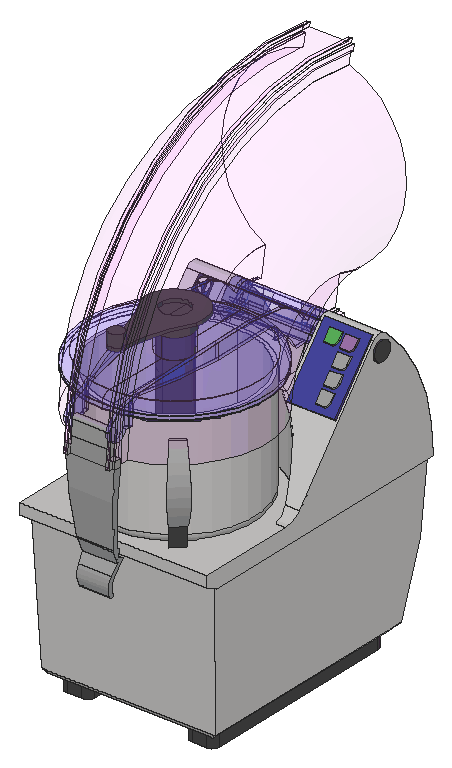
Revit family "QF_ELECTROLUXPROFESSIONAL_600518_K45YVVU", category Attrezzature speciali, Revit 2020
Family settings
  Quota connettore circolare = Usa diametro
  Tipo di parte = Normale
  Basato su piano di lavoro = No
  Sempre verticale = Sì
  Taglio con vuoti quando caricato = No
  Condiviso = No
  Punto di calcolo locali = No
Parameters (values of type "Standard")
  Weight = 22.00 kg
  Watts = 1000 W
  Volts = 110 V
  URL Manufacturer = "https://www.electroluxprofessional.com/"
  URL = "https://www.electroluxprofessional.com/"
  Steam Supply Size = 0 mm
  Steam Supply Minimum Pressure = 0.0 Pa
  Steam Supply Maximum Pressure = 0.0 Pa
  Steam Consumption per Hour = 0
  Show Logo [instance] = yes
  Show Clearance [instance] = yes
  Refrigeration Suction Line Size = 0.0 mm
  Refrigeration Liquid Line Size = 0.0 mm
  Refrigerant Compressor Remote = yes
  Prospetto di default = 0.0 mm
  Produttore = "Electrolux Professional"
  Phase = 1
  Modello = "K45YVVU"
  Length Actual = 256.0 mm  # constant formula
  Item Number = "600518"
  Hot Water Size = 0 mm
  Height Actual = 482.0 mm  # constant formula
  HP = "1.3 HP"
  Gas Size = 0 mm
  Gas KW = 0
  Gas Input Pressure = 0 W
  Direct Waste Size = 0 mm
  Descrizione = "CUTTER-MIXER 4.5L-MICROTOOTHED BLADE-VARIAB.SPEED-1000W-100-120/1/60-US"
  Depth Actual = 415.0 mm  # constant formula
  Cycle = 60 Hz
  Condensate Return Size = 0 mm
  Compressed Air Volume = 0.0 L/s
  Compressed Air Size = 0 mm
  Compressed Air Pressure = 0.0 Pa
  Cold Water Size = 0 mm
  Accessory = yes
Reference planes
  plane 1 "Center (Front/Back)": y = 0
  plane 2: z = 0
  plane 3 "Center (Left/Right)": x = 0
  plane 4 "FRONT": y = -207.5
  plane 5 "BACK": y = 207.5
  plane 6 "LEFT": x = -128
  plane 7 "RIGHT": x = 128
  plane 8 "CenterX": x = -10
  plane 9 "Maniglia": through (-10, -59.177, 4000) normal (0.766, 0.6428, 0)
  plane 10 "Panel": through (4267.2, 107.252, 388.448) normal (0, 0.766, -0.6428)
  plane 11: z = 333.007
Forms (mm)
  Extrusion 1, solid, material "QF_Finishes_Stainless Steel"
    sketch origin (0, 0, 13) x (0, 1, 0) y (0, 0, 1)
      loop
        arc (207.5, 203.483) -> (187.745, 305.45) -> (127.203, 389.844) r 242.898
        arc (127.203, 389.844) -> (116.931, 393.38) -> (107.252, 388.448) r 13.902
        line (107.252, 388.448) -> (-20.106, 236.67)
        arc (-20.106, 236.67) -> (-30.264, 228.875) -> (-42.764, 226.104) r 29.578
        line (-42.764, 226.104) -> (-177.764, 226.104) -> (-177.764, 211.104) -> (-161.42, 203.483) -> (207.5, 203.483)
    from -128 to 128
  Extrusion 2, void
    sketch origin (0, -207.5, 0) x (-1, 0, 0) y (0, 0, 1)
      loop
        line (-53.607, 436.408) -> (-53.607, 336.684) -> (71.073, 336.684) -> (71.073, 436.408) -> (-53.607, 436.408)
    from 255.469 to 415
  Extrusion 3, solid, material "QF_Finishes_Black"
    sketch origin (0, -0.394, 13.084) x (0, 1, 0) y (0, 0, 1)
      loop
        circle (117.901, 373.007) r 13.005
    from 131.516 to 128
  Extrusion 4, solid, material "QF_Finishes_Black"
    sketch origin (0, -0.394, 13.084) x (0, 1, 0) y (0, 0, -1)
      loop
        circle (117.901, -373.007) r 13.005
    from 131.516 to 128
  Revolve 5, solid, material "QF_Finishes_Door Clearance", visible <- "Show Clearance"
    sketch origin (-630, 0, 343.918) x (1, 0, 0) y (0, 1, 0)
      loop
        line (558.927, 142.682) -> (558.927, 95.366) -> (564.148, 95.366) -> (564.148, 93.031) -> (569.229, 93.031) -> (569.229, 54.548)
        arc (569.229, 54.548) -> (495.524, -69.965) -> (588.85, -180.538) r 124.909
        line (588.85, -180.538) -> (588.85, -196.606) -> (585.492, -196.606) -> (585.492, -206.036) -> (588.85, -206.036) -> (588.85, -211.4) -> (593.85, -211.4) -> (593.85, -206.036) -> (646.15, -206.036) -> (646.15, -211.4) -> (651.15, -211.4) -> (651.15, -206.036) -> (654.508, -206.036) -> (654.508, -196.606) -> (651.15, -196.606) -> (651.15, -180.538)
        arc (651.15, -180.538) -> (744.476, -69.965) -> (670.771, 54.548) r 124.909
        line (670.771, 54.548) -> (670.771, 93.031) -> (675.852, 93.031) -> (675.852, 95.366) -> (683.607, 95.366) -> (683.607, 142.682) -> (558.927, 142.682)
      axis (683.607, 142.682) -> (558.927, 142.682)
    angle from 0 to -100
  Extrusion 6, void
    sketch origin (0, 0, 13) x (1, 0, 0) y (0, 1, 0)
      loop
        arc (115, -59.177) -> (-10, 65.823) -> (-135, -59.177) r 125
        line (-135, -59.177) -> (115, -59.177)
    from 226.104 to 336.684
  Extrusion 7, solid, material "QF_Finishes_Stainless Steel"
    sketch origin (0, 0, 13) x (0, 1, 0) y (0, 0, 1)
      loop
        arc (155.897, 6) -> (160.37, 10.596) -> (163.359, 16.27) r 22.417
        arc (163.359, 16.27) -> (192.273, 107.896) -> (201.98, 203.483) r 470.678
        line (201.98, 203.483) -> (-161.42, 203.483)
        arc (-161.42, 203.483) -> (-159.547, 108.877) -> (-151.391, 14.604) r 1423.016
        arc (-151.391, 14.604) -> (-146.603, 8.365) -> (-139.103, 6) r 13.076
        line (-139.103, 6) -> (155.897, 6)
    from -128 to 128
  Extrusion 8, void
    sketch origin (0, -207.5, 13) x (-1, 0, 0) y (0, 0, 1)
      loop
        line (128, 203.483) -> (125, 203.483) -> (119.389, 16.27) -> (109.119, 6) -> (128, 6) -> (128, 203.483)
      loop
        line (-128, 203.483) -> (-128, 6) -> (-109.119, 6) -> (-119.389, 16.27) -> (-125, 203.483) -> (-128, 203.483)
    from 14.374 to 435.947
  Extrusion 9, solid, material "QF_Finishes_Stainless Steel"
    sketch origin (417.596, 210.5, 41.977) x (-1, 0, 0) y (0, 0, -1)
      loop
        line (407.596, -163.023) -> (407.596, -183.023) -> (427.596, -183.023) -> (427.596, -163.023) -> (407.596, -163.023)
    from 0 to 20.07
Cuts and joins
  Extrusion 2, Extrusion 6 cuts Extrusion 1
  Extrusion 8 cuts Extrusion 7
Dimensions and locks
  plane 5 "BACK" to plane 4 "FRONT" = 415.0 mm
  plane 6 "LEFT" to plane 7 "RIGHT" = 256.0 mm
  aligned and locked: level to plane 2
Nested families
  nested 1: "ELX_LOGO_MONO_SMALL - BLUE" at (-109.17, 69.14, 356.029) x (-1, 0, 0) z (0, -0.766, 0.6428), Show Logo <- "Show Logo", visible <- "Show Logo", type "ELX_LOGO_MONO_SMALL - BLUE"
    with Show Logo yes
  nested 2: "PENTOLA - PICCOLA" at (0, -0.4, -27), type "PENTOLA - PICCOLA"
    with Show Logo yes
  nested 3: "Piedino DYNAMIC PREPARATION" at (85.5, 7.5, 0), type "Piedino DYNAMIC PREPARATION"
    with Show Logo yes, H 11.0 mm
  nested 4: "Piedino DYNAMIC PREPARATION" at (-85.5, 7.5, 0) x (-1, 0, 0) z (0, 0, 1), type "Piedino DYNAMIC PREPARATION"
    with Show Logo yes, H 11.0 mm
  nested 5: "Tastiera Digitale" at (91.25, 78.964, 367.737) x (1, 0, 0) z (0, -0.766, 0.6428), type "Tastiera Digitale"
Connectors
  electrical at (0, 210.5, 215)
    settings: on Extrusion 9, index 92, voltage 0 V, apparent load 0 VA, apparent load phase1 0 VA, apparent load phase2 0 VA, apparent load phase3 0 VA, power factor 1, load classification "Altro", number of poles 1, system type 30, power factor state 1, is connector primary yes, connector utility no, sub classification motor no, connector description "EI"
Definition of nested family "ELX_LOGO_MONO_SMALL - BLUE"
  Parameters (values of type "ELX_LOGO_MONO_SMALL - BLUE")
    Show Logo [instance] = yes
    Default Elevation = 1219.2 mm
  Reference planes
    plane 1 "Center (Front/Back)": y = -49
    plane 2: z = 0
    plane 3 "Center (Left/Right)": x = -9.92
  Forms (mm)
    Extrusion 1, solid
      sketch origin (0, 0, 0) x (1, 0, 0) y (0, 1, 0)
        loop
          line (-1219.2, 1219.2) -> (-1219.2, -1219.2) -> (1219.2, -1219.2) -> (1219.2, 1219.2) -> (-1219.2, 1219.2)
      from 0 to -304.8
    Extrusion 2, solid, visible <- "Show Logo"
      sketch origin (84.462, 509.781, 0) x (1, 0, 0) y (0, 1, 0)
        loop
          line (-97.132, -567.787) -> (-97.132, -549.816)
          arc (-97.132, -549.816) -> (-103.775, -558.801) -> (-97.132, -567.787) r 9.398
        loop
          arc (-96.218, -567.787) -> (-88.745, -566.088) -> (-85.144, -559.322) r 9.21
          line (-85.144, -559.322) -> (-88.117, -559.322)
          arc (-88.117, -559.322) -> (-93.428, -561.478) -> (-96.218, -566.485) r 8.633
          line (-96.218, -566.485) -> (-96.218, -567.787)
        loop
          arc (-96.218, -551.117) -> (-93.428, -556.124) -> (-88.117, -558.28) r 8.633
          line (-88.117, -558.28) -> (-85.144, -558.28)
          arc (-85.144, -558.28) -> (-88.739, -551.459) -> (-96.218, -549.585) r 9.451
          line (-96.218, -549.585) -> (-96.218, -551.117)
        loop
          line (-84.462, -568.767) -> (-84.462, -548.794) -> (-104.462, -548.794) -> (-104.462, -568.767) -> (-84.462, -568.767)
      from 0 to 1.644
  Dimensions and locks
    aligned and locked: plane 2 to Extrusion 1
    aligned and locked: level to Extrusion 1
Definition of nested family "PENTOLA - PICCOLA"
  Parameters (values of type "PENTOLA - PICCOLA")
    Show Logo [instance] = yes
    Default Elevation = 0.0 mm
    Model = "600438"
  Reference planes
    plane 1 "Center (Front/Back)": y = 0
    plane 2: z = 0
    plane 3 "Center (Left/Right)": x = 0
    plane 4 "TOP": z = 705.4
    plane 5 "FRONT": y = -211
    plane 6 "BACK": y = 211
    plane 7 "LEFT": x = -128
    plane 8 "RIGHT": x = 128
    plane 9 "CenterX": x = -10
    plane 10 "Maniglia": through (-10, -59.177, 4000) normal (0.766, 0.6428, 0)
    plane 11 "Panel": through (4267.2, 107.252, 388.448) normal (0, 0.766, -0.6428)
    plane 12: z = 510
    plane 13: z = 226.104
    plane 14: z = 266.104
    plane 15: x = 16.15
  Forms (mm)
    Revolve 1, solid
      sketch origin (-10, 0, 0) x (0, -1, 0) y (0, 0, 1)
        loop
          line (59.177, 490.527) -> (28.516, 490.527) -> (35.424, 483.619) -> (35.424, 470.527) -> (38.194, 470.527) -> (38.194, 356.104) -> (59.177, 356.104) -> (59.177, 490.527)
        axis (59.177, 356.104) -> (59.177, 490.527)
      angle from 0 to 360
    Extrusion 2, solid
      sketch origin (0, 0, 0) x (1, 0, 0) y (0, 1, 0)
        loop
          arc (-48.167, -71.147) -> (-28.951, -114.517) -> (-19.956, -161.093) r 210.055
          arc (-19.956, -161.093) -> (-10, -170.155) -> (-0.044, -161.093) r 10
          arc (-0.044, -161.093) -> (8.951, -114.517) -> (28.167, -71.147) r 210.055
          arc (28.167, -71.147) -> (-10, -19.177) -> (-48.167, -71.147) r 40
      from 490.527 to 495.013
    Extrusion 3, solid
      sketch origin (0, 0, 0) x (1, 0, 0) y (0, 1, 0)
        loop
          circle (-10, -160.155) r 10
      from 495.013 to 510.592
    Extrusion 4, void
      sketch origin (0, 0, 0) x (1, 0, 0) y (0, 1, 0)
        loop
          circle (-10, -59.177) r 19
      from 467.615 to 512.796
    Extrusion 5, void
      sketch origin (-20, 0, 0) x (-1, 0, 0) y (0, -1, 0)
        loop
          line (16.15, 177.864) -> (16.15, -123.86) -> (35.771, -123.86) -> (35.771, 48.192)
          arc (35.771, 48.192) -> (30.047, 105.502) -> (17.781, 161.776) r 500.876
          line (17.781, 161.776) -> (17.781, 171.776) -> (16.15, 177.864)
        loop
          line (40.771, -123.86) -> (45.852, -123.86) -> (45.852, 210.681) -> (21.15, 210.681) -> (21.15, 178.522) -> (22.781, 172.434) -> (22.781, 162.459)
          arc (22.781, 162.459) -> (35.047, 105.893) -> (40.771, 48.297) r 505.876
          line (40.771, 48.297) -> (40.771, -123.86)
      from 381.652 to 477.521
    Extrusion 6, solid
      sketch origin (-20, 0, 0) x (0, 1, 0) y (0, 0, -1)
        loop
          line (-173.064, -409.647) -> (-181.147, -409.647)
          arc (-181.147, -409.647) -> (-199.354, -399.982) -> (-210.844, -417.096) r 15.391
          arc (-210.844, -417.096) -> (-202.04, -429.372) -> (-189.058, -437.099) r 36.946
          arc (-189.058, -437.099) -> (-65.868, -463.241) -> (59.99, -458.888) r 518.061
          arc (59.99, -458.888) -> (84.621, -444.919) -> (103.744, -424.036) r 90.696
          line (103.744, -424.036) -> (107.011, -428.153)
          arc (107.011, -428.153) -> (116.741, -433.366) -> (127.203, -429.844) r 13.902
          arc (127.203, -429.844) -> (135.322, -422.188) -> (143.082, -414.167) r 242.898
          line (143.082, -414.167) -> (137.378, -408.464)
          arc (137.378, -408.464) -> (123.613, -393.84) -> (104.088, -398.543) r 20
          line (104.088, -398.543) -> (85.351, -398.543)
          arc (85.351, -398.543) -> (76.464, -411.417) -> (65.823, -422.884) r 108.872
          line (65.823, -422.884) -> (50.823, -422.884)
          arc (50.823, -422.884) -> (52.796, -423.701) -> (53.614, -425.674) r 2.79
          line (53.614, -425.674) -> (53.614, -430.892)
          arc (53.614, -430.892) -> (50.154, -439.244) -> (41.802, -442.703) r 11.812
          line (41.802, -442.703) -> (-160.307, -442.703)
          arc (-160.307, -442.703) -> (-168.659, -439.244) -> (-172.119, -430.892) r 11.812
          line (-172.119, -430.892) -> (-172.119, -425.826)
          arc (-172.119, -425.826) -> (-171.728, -424.361) -> (-170.659, -423.285) r 2.942
          line (-170.659, -423.285) -> (-173.064, -409.647)
        loop
          circle (117.901, -413.007) r 9.416
      from 16.15 to 45.852
    Extrusion 7, solid
      sketch origin (0, 0, 0) x (0, 1, 0) y (0, 0, 1)
        loop
          line (137.378, 408.464) -> (143.082, 414.167)
          arc (143.082, 414.167) -> (135.322, 422.188) -> (127.203, 429.844) r 242.898
          arc (127.203, 429.844) -> (116.931, 433.38) -> (107.252, 428.448) r 13.902
          line (107.252, 428.448) -> (95.766, 414.76)
          arc (95.766, 414.76) -> (97.862, 406.72) -> (99.34, 398.543) r 108.872
          line (99.34, 398.543) -> (104.088, 398.543)
          arc (104.088, 398.543) -> (123.613, 393.84) -> (137.378, 408.464) r 20
        loop
          circle (117.901, 413.007) r 9.416
      from -71.073 to 53.607
    Extrusion 8, solid
      sketch origin (0, 0, 0) x (0, 1, 0) y (0, 0, 1)
        loop
          arc (-190.204, 266.19) -> (-197.267, 328.676) -> (-195.295, 391.529) r 437.299
          line (-195.295, 391.529) -> (-193.232, 411.422)
          arc (-193.232, 411.422) -> (-197.69, 416.911) -> (-203.179, 412.454) r 5
          line (-203.179, 412.454) -> (-205.242, 392.56)
          arc (-205.242, 392.56) -> (-204.406, 329.021) -> (-196.036, 266.03) r 534.528
          line (-196.036, 266.03) -> (-195.287, 263.081) -> (-187.59, 244.878) -> (-196.22, 232.318)
          arc (-196.22, 232.318) -> (-200.203, 219.487) -> (-196.22, 206.655) r 22.658
          arc (-196.22, 206.655) -> (-192.743, 206.01) -> (-192.099, 209.487) r 2.5
          arc (-192.099, 209.487) -> (-195.203, 219.487) -> (-192.099, 229.487) r 17.658
          line (-192.099, 229.487) -> (-179.418, 248.669) -> (-187.59, 252.48) -> (-187.59, 263.577) -> (-190.204, 266.19)
      from -49.646 to 27.326
    Extrusion 9, void
      sketch origin (0, -211, 0) x (-1, 0, 0) y (0, 0, 1)
        loop
          line (-15.15, 416.938) -> (-47.326, 416.938) -> (-47.326, 161.938) -> (-6.963, 161.938) -> (-24.508, 381.652) -> (-15.15, 381.652) -> (-15.15, 416.938)
        loop
          line (26.963, 161.938) -> (77.918, 161.938) -> (77.918, 416.938) -> (35.15, 416.938) -> (35.15, 381.652) -> (44.508, 381.652) -> (26.963, 161.938)
      from 46.08 to -69.339
    Revolve 10, solid
      sketch origin (-10, 0, 0) x (0, -1, 0) y (0, 0, 1)
        loop
          line (38.194, 422.884) -> (38.194, 470.527) -> (35.424, 470.527) -> (35.424, 442.703) -> (-53.802, 442.703)
          arc (-53.802, 442.703) -> (-62.213, 439.268) -> (-65.732, 430.892) r 11.871
          line (-65.732, 430.892) -> (-65.732, 425.793)
          arc (-65.732, 425.793) -> (-64.88, 423.736) -> (-62.823, 422.884) r 2.909
          line (-62.823, 422.884) -> (38.194, 422.884)
        axis (59.177, 422.884) -> (59.177, 470.527)
      angle from 0 to 360
    Revolve 11, solid
      sketch origin (-10, 0, 0) x (0, -1, 0) y (0, 0, 1)
        loop
          line (169.177, 422.884) -> (164.177, 422.884) -> (164.177, 277.884)
          arc (164.177, 277.884) -> (162.191, 273.09) -> (157.397, 271.104) r 6.78
          line (157.397, 271.104) -> (84.177, 271.104) -> (84.177, 356.104) -> (79.177, 356.104) -> (79.177, 266.104) -> (157.397, 266.104)
          arc (157.397, 266.104) -> (165.726, 269.554) -> (169.177, 277.884) r 11.78
          line (169.177, 277.884) -> (169.177, 422.884)
        axis (59.177, 422.884) -> (59.177, 266.104)
      angle from 0 to 360
    Extrusion 12, void
      sketch origin (0, 0, 0) x (0, 1, 0) y (0, 0, 1)
        loop
          line (-210.681, 417.459) -> (-211.654, 417.459) -> (-211.654, 411.793) -> (-210.681, 411.793) -> (-210.681, 417.459)
      from -41.15 to -65.852
    Extrusion 13, solid
      sketch origin (-49.423, -13.925, 40) x (0.634002, 0.773331, 0) y (-0.773331, 0.634002, 0)
        loop
          line (-55.497, -222.333) -> (-26.468, -227.794) -> (-20.635, -161.119)
          arc (-20.635, -161.119) -> (-28.727, -159.898) -> (-36.729, -158.185) r 133.529
          line (-36.729, -158.185) -> (-55.497, -222.333)
      from 226.104 to 356.104
    Revolve 14, void
      sketch origin (-35.007, -29.374, 40) x (-0.642788, 0.766044, 0) y (0, 0, 1)
        loop
          arc (-155.215, 337.579) -> (-171.344, 302.579) -> (-155.215, 267.579) r 46.04
          line (-155.215, 267.579) -> (-147.754, 267.579) -> (-147.754, 337.579) -> (-155.215, 337.579)
        loop
          line (-155.215, 356.104) -> (-147.754, 356.104) -> (-147.754, 361.761) -> (-215.215, 361.761) -> (-215.215, 226.104) -> (-147.754, 226.104) -> (-147.754, 256.485) -> (-163.93, 256.485)
          arc (-163.93, 256.485) -> (-184.453, 308.471) -> (-155.215, 356.104) r 62.537
        axis (10, 361.761) -> (10, 226.104)
      angle from -8.217 to 8.652
    Extrusion 15, solid
      sketch origin (0, 0, 40) x (1, 0, 0) y (0, 1, 0)
        loop
          arc (57.446, -154.071) -> (64.931, -148.135) -> (72.061, -141.775) r 165.215
          line (72.061, -141.775) -> (66.401, -136.116)
          arc (66.401, -136.116) -> (59.824, -141.977) -> (52.928, -147.46) r 157.215
          line (52.928, -147.46) -> (57.446, -154.071)
      from 226.104 to 256.485
    Extrusion 16, void
      sketch origin (0, 0, 0) x (1, 0, 0) y (0, 1, 0)
        loop
          line (16.15, -177.864) -> (17.781, -171.776) -> (17.781, -161.776)
          arc (17.781, -161.776) -> (30.047, -105.502) -> (35.771, -48.192) r 500.876
          line (35.771, -48.192) -> (35.771, 123.86) -> (16.15, 123.86) -> (16.15, -177.864)
        loop
          line (40.771, 123.86) -> (40.771, -48.297)
          arc (40.771, -48.297) -> (35.047, -105.893) -> (22.781, -162.459) r 505.876
          line (22.781, -162.459) -> (22.781, -172.434) -> (21.15, -178.522) -> (21.15, -215.851) -> (45.852, -215.851) -> (45.852, 123.86) -> (40.771, 123.86)
      from 381.652 to 477.521
    Extrusion 17, solid
      sketch origin (0, 0, 0) x (0, 1, 0) y (0, 0, 1)
        loop
          line (-173.064, 409.647) -> (-170.659, 423.285)
          arc (-170.659, 423.285) -> (-171.728, 424.361) -> (-172.119, 425.826) r 2.942
          line (-172.119, 425.826) -> (-172.119, 430.892)
          arc (-172.119, 430.892) -> (-168.659, 439.244) -> (-160.307, 442.703) r 11.812
          line (-160.307, 442.703) -> (41.802, 442.703)
          arc (41.802, 442.703) -> (50.154, 439.244) -> (53.614, 430.892) r 11.812
          line (53.614, 430.892) -> (53.614, 425.674)
          arc (53.614, 425.674) -> (52.796, 423.701) -> (50.823, 422.884) r 2.79
          line (50.823, 422.884) -> (65.823, 422.884)
          arc (65.823, 422.884) -> (76.464, 411.417) -> (85.351, 398.543) r 108.872
          line (85.351, 398.543) -> (104.088, 398.543)
          arc (104.088, 398.543) -> (123.613, 393.84) -> (137.378, 408.464) r 20
          line (137.378, 408.464) -> (143.082, 414.167)
          arc (143.082, 414.167) -> (135.322, 422.188) -> (127.203, 429.844) r 242.898
          arc (127.203, 429.844) -> (116.741, 433.366) -> (107.011, 428.153) r 13.902
          line (107.011, 428.153) -> (103.744, 424.036)
          arc (103.744, 424.036) -> (84.621, 444.919) -> (59.99, 458.888) r 90.696
          arc (59.99, 458.888) -> (-65.868, 463.241) -> (-189.058, 437.099) r 518.061
          arc (-189.058, 437.099) -> (-202.04, 429.372) -> (-210.844, 417.096) r 36.946
          arc (-210.844, 417.096) -> (-199.354, 399.982) -> (-181.147, 409.647) r 15.391
          line (-181.147, 409.647) -> (-173.064, 409.647)
        loop
          circle (117.901, 413.007) r 9.416
      from 16.15 to 45.852
  Cuts and joins
    Extrusion 4 cuts Extrusion 2
    Extrusion 5, Extrusion 12 cuts Extrusion 6
    Extrusion 9 cuts Extrusion 8
    Revolve 14 cuts Extrusion 13
    Extrusion 16 cuts Extrusion 17
  Dimensions and locks
    plane 4 "TOP" to level = 705.4 mm  (x2)
    plane 7 "LEFT" to plane 3 "Center (Left/Right)" to plane 8 "RIGHT" = 128.0 mm, 128.0 mm
    plane 6 "BACK" to plane 1 "Center (Front/Back)" to plane 5 "FRONT" = 211.0 mm, 211.0 mm
    plane 6 "BACK" to plane 5 "FRONT" = 422.0 mm
    plane 7 "LEFT" to plane 8 "RIGHT" = 256.0 mm
    plane 9 "CenterX" to plane 3 "Center (Left/Right)" = 10.0 mm
    plane 12 to level = 510.0 mm
    aligned and locked: level to plane 2
    aligned and locked: Extrusion 5 to cut or joined group of Extrusion 8, Extrusion 9
Definition of nested family "Piedino DYNAMIC PREPARATION"
  Parameters (values of type "Piedino DYNAMIC PREPARATION")
    Show Logo [instance] = yes
    Default Elevation = 0.0 mm
    H [instance] = 11.0 mm
  Reference planes
    plane 1 "Centro (Fronte/Retro)": y = 0
    plane 2: z = 0
    plane 3 "Centro (Sinistra/Destra)": x = 0
  Forms (mm)
    Extrusion 1, solid
      sketch origin (0, 0, 0) x (1, 0, 0) y (0, 1, 0)
        loop
          arc (-10, 145) -> (-17.071, 142.071) -> (-20, 135) r 10
          line (-20, 135) -> (-20, -135)
          arc (-20, -135) -> (-17.071, -142.071) -> (-10, -145) r 10
          line (-10, -145) -> (10, -145)
          arc (10, -145) -> (17.071, -142.071) -> (20, -135) r 10
          line (20, -135) -> (20, 135)
          arc (20, 135) -> (17.071, 142.071) -> (10, 145) r 10
          line (10, 145) -> (-10, 145)
      from 0 to 19
  Dimensions and locks
    aligned and locked: level to plane 2
Definition of nested family "Tastiera Digitale"
  Parameters (values of type "Tastiera Digitale")
    Default Elevation = 1219.2 mm
  Reference planes
    plane 1 "Centro (Fronte/Retro)": y = 0
    plane 2: z = 0
    plane 3 "Centro (Sinistra/Destra)": x = 0
  Forms (mm)
    Extrusion 1, solid
      sketch origin (0, 0, 0) x (1, 0, 0) y (0, 1, 0)
        loop
          line (-1219.2, 1219.2) -> (-1219.2, -1219.2) -> (1219.2, -1219.2) -> (1219.2, 1219.2) -> (-1219.2, 1219.2)
      from 0 to -304.8
    Extrusion 2, solid
      sketch origin (-75.554, 107.59, 0.01) x (1, 0, -0.000132) y (0, 1, 0)
        loop
          line (43.114, -57.598) -> (43.114, -157.581) -> (107.993, -157.581) -> (107.993, -57.598) -> (43.114, -57.598)
      from 0 to 1.6
    Extrusion 3, solid
      sketch origin (-132.607, -70.222, 1.61) x (0, 1, -0.000132) y (-1, 0, 0)
        loop
          line (110.876, -112.81) -> (93.634, -112.81) -> (93.634, -122.863)
          arc (93.634, -122.863) -> (95.709, -127.871) -> (100.717, -129.946) r 7.082
          line (100.717, -129.946) -> (110.876, -129.946) -> (110.876, -112.81)
      from 0 to 1.6
    Extrusion 4, solid
      sketch origin (-87.607, -70.222, 1.61) x (0, 1, -0.000132) y (-1, 0, 0)
        loop
          line (110.876, -90.19) -> (93.634, -90.19) -> (93.634, -100.243)
          arc (93.634, -100.243) -> (95.709, -105.251) -> (100.717, -107.325) r 7.082
          line (100.717, -107.325) -> (110.876, -107.325) -> (110.876, -90.19)
      from 0 to 1.6
    Extrusion 5, solid
      sketch origin (-87.607, -91.472, 1.61) x (0, 1, -0.000132) y (-1, 0, 0)
        loop
          line (110.876, -90.19) -> (93.634, -90.19) -> (93.634, -100.243)
          arc (93.634, -100.243) -> (95.709, -105.251) -> (100.717, -107.325) r 7.082
          line (100.717, -107.325) -> (110.876, -107.325) -> (110.876, -90.19)
        loop
          line (89.001, -90.19) -> (71.759, -90.19) -> (71.759, -100.243)
          arc (71.759, -100.243) -> (73.834, -105.251) -> (78.842, -107.325) r 7.082
          line (78.842, -107.325) -> (89.001, -107.325) -> (89.001, -90.19)
        loop
          line (67.126, -90.19) -> (49.884, -90.19) -> (49.884, -100.243)
          arc (49.884, -100.243) -> (51.959, -105.251) -> (56.967, -107.325) r 7.082
          line (56.967, -107.325) -> (67.126, -107.325) -> (67.126, -90.19)
      from 0 to 1.6
  Dimensions and locks
    aligned and locked: plane 2 to Extrusion 1
    aligned and locked: level to Extrusion 1
